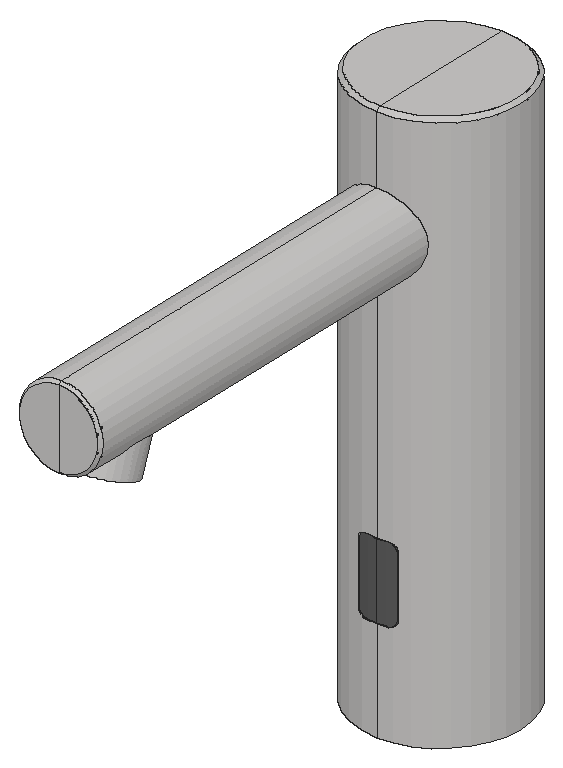
Revit family "PRD_AR_PllrTps_F7EElectronicPillarTap_F7EV1001_F7EV1002", category Plumbing Fixtures, Revit 2023
Family settings
  Round Connector Dimension = Use Diameter
  Part Type = Normal
  OmniClass Number = 23.45.55.14
  OmniClass Title = Single Faucets
  Work Plane-Based = Yes
  Enable Cutting in Views = No
  Always vertical = Yes
  Cut with Voids When Loaded = No
  Maintain Annotation Orientation = No
  Shared = No
  Room Calculation Point = No
Parameters (values of type "F7EV1001")
  WorkingPressure = 0.0 Pa
  WithTransformer = "No"
  WithRosettesOrCoverPlate = "No"
  WithFilter = "Yes"
  WithBackflowPreventer = "No"
  WaterConnection = "Hose (gland nut)"
  WarrantyStartDate [instance] = "1900-12-31T23:59:59"
  WarrantyGuarantorParts = "n/a"
  WarrantyGuarantorLabor = "n/a"
  WarrantyDurationUnit = "n/a"
  WarrantyDurationParts = "n/a"
  WarrantyDurationLabor = "n/a"
  WarrantyDescription = "n/a"
  Voltage = 12 V
  Version = "1"
  ValvePattern = "STRAIGHT_2_PORT"
  ValveOperation = "SOLENOID"
  ValveMechanism = "OTHER"
  Uniclass2015Version = "Products v1.36"
  Uniclass2015Title = "Pillar taps"
  Uniclass2015Code = "Pr_40_20_87_60"
  URL = "www.kwc-professional.com"
  TypeOfTap = "Pillar Tap"
  TypeOfSensor = "Opto-electronic sensor"
  TypeOfPowerSupply = "Other"
  TypeOfOperation = "Sensor Operation"
  TypeOfMounting = "Tap Hole"
  TypeOfMixing = "No"
  Type IFC Predefined Type = "FAUCET"
  ThermalDisinfection = "No"
  TestPressure = 0.0 Pa
  TemperatureLimit = "No"
  TagNumber [instance] = "n/a"
  SustainabilityPerformance = "n/a"
  SurfaceTreatmentFitting = "Brushed"
  SurfaceFinishFitting = "Brushed"
  Status = "New"
  Spout = "Fixed"
  SoundInsulation = "No"
  Size = "15"
  Shape = "Pillar tap"
  SerialNumber [instance] = "n/a"
  Revision = "n/a"
  ReplacementCost = "n/a"
  Reference = "n/a"
  ProtectiveShutdown = "Yes"
  ProductInformation = "http://pim.kwc.com/product/3600001255/attachment/datasheet?locale=en"
  PowerSupplyConnection = "6,75 / 12 V DC / A3000 open"
  PowerFactor [instance] = 1
  PositionOfPowerConnection = "From Bottom"
  PopUpWasteSet = "No"
  Parameterization = "Remote Control"
  NumberOfPoles [instance] = Poles / 1  # 1
  Poles [instance] = 1
  NominalWidth = 0 mm
  NominalHeight = 165 mm
  NominalDepth = 0 mm
  Name = "F7E Electronic pillar tap F7EV1001"
  NBSTypeID = "n/a"
  NBSReference = "45-35-70/345"
  NBSOfficeMasterTag = "n/a"
  NBSNote = "n/a"
  NBSDescription = "Taps and water supply fittings for bath"
  NBSCertification = "n/a"
  ModelReference = "F7EV1001"
  ModelNumber = "3600001255"
  Model = ModelReference  # "F7EV1001"
  MinimumFlowPressure = "1 bar"
  MaterialFitting = "Stainless Steel"
  Material = "stainless steel"
  ManufacturerURL = "www.kwc-professional.com"
  ManufacturerName = "KWC Group Management AG"
  Manufacturer = ManufacturerName  # "KWC Group Management AG"
  LockingMechanism = "Top section, non-ceramic"
  InstallationDate [instance] = "1900-12-31T23:59:59"
  InletSize = "G 3/8"
  IfcExportType = "FAUCET"
  IfcExportAs = "IfcValveType"
  HygieneFlushing = "Yes"
  Grade = "n/a"
  FunctionalPrinciple = "electronic self-closing"
  FlowColdWater = 0.0 L/s
  FlowCoefficient = 0
  Finish = "brushed surface"
  Features = "For connection to pre-mixed hot or cold water via hose and strainer. Control electronics, solenoid valve and sensor in stainless steel housing, brushed surface, outlet height 115 mm and projection 125 mm."
  FaucetType = "PILLAR"
  FaucetTopDescription = "opto-electronically controlled"
  FaucetOperation = "SELFCLOSING"
  FaucetFunction = "MIXED"
  F7EV1002 = no
  F7EV1001 = yes
  Export Type to IFC As = "IfcValveType"
  ExpectedLife = "n/a"
  DurationUnit = "n/a"
  DiameterNominal = "DN15"
  Description = "F7E pillar tap DN 15 for sanitary facilities, opto-electronically controlled. For connection to pre-mixed hot or cold water via hose and strainer. Control electronics, solenoid valve and sensor in stainless steel housing, brushed surface, outlet height 115 mm and projection 125 mm. Angle-adjustable and anti-theft aerator with integrated flow regulator 5.7 l/min. Activated water hygiene flushing 24 hours after last activation, safety switch-off with continuous reflection and saving of statistical data. With option for parameterization and communication via optional bidirectional remote control or C module with the necessary app. Optionally for battery operation with battery compartment including 6 V lithium battery (CR-P2) per fitting, for installation below the washbasin, or for separate power supply via power supply unit 6.75 V/12 V DC or AQUA 3000 open system accessories.\n\nBattery compartment including battery or power supply unit with extension cable must be ordered separately."
  Depressurised = "No"
  DefaultAutomaticHygieneFlush = "24h after the last activity"
  Default Elevation = 1219.2 mm
  CreateOn = "05/2025"  # constant formula
  Constituents = "n/a"
  CompatibleA3000Open = "Yes"
  Color = "stainless steel-look"
  CodePerformance = "n/a"
  CloseOffRating = 0.0 Pa
  Category = "Pr_40_20_87_60, Pillar taps"
  BodyMaterial = PRD_AR_StainlessSteel_Brushed
  BasicColour = "Stainless steel-look"
  BarCode [instance] = "n/a"
  BIMObjectName = "PRD_AR_PillarTaps_F7EElectronicPillarTap_F7EV1001"
  Author = "Archispace"
  AssetType = "Fixed"
  AssetIdentifier [instance] = "n/a"
  ApparentLoad [instance] = 0 VA
  AccessibilityPerformance = "n/a"
  AccentColour = "None"
Types (3, lengths in mm): name | ProductInformation | NominalHeight | Name | ModelReference | ModelNumber | Model | Features | F7EV1002 | F7EV1001 | Description | BIMObjectName
  (no name) | "http://pim.kwc.com/product/3600001255/attachment/datasheet?locale=en" | 165 | "F7E Electronic pillar tap F7EV1001" | "F7EV1001" | "3600001255" | "F7EV1001" | "For connection to pre-mixed hot or cold water via hose and strainer. Control electronics, solenoid valve and sensor in stainless steel housing, brushed surface, outlet height 115 mm and projection 125 mm." | no | yes | "F7E pillar tap DN 15 for sanitary facilities, opto-electronically controlled. For connection to pre-mixed hot or cold water via hose and strainer. Control electronics, solenoid valve and sensor in stainless steel housing, brushed surface, outlet height 115 mm and projection 125 mm. Angle-adjustable and anti-theft aerator with integrated flow regulator 5.7 l/min. Activated water hygiene flushing 24 hours after last activation, safety switch-off with continuous reflection and saving of statistical data. With option for parameterization and communication via optional bidirectional remote control or C module with the necessary app. Optionally for battery operation with battery compartment including 6 V lithium battery (CR-P2) per fitting, for installation below the washbasin, or for separate power supply via power supply unit 6.75 V/12 V DC or AQUA 3000 open system accessories.\n\nBattery compartment including battery or power supply unit with extension cable must be ordered separately." | "PRD_AR_PillarTaps_F7EElectronicPillarTap_F7EV1001"
  F7EV1001 | "http://pim.kwc.com/product/3600001255/attachment/datasheet?locale=en" | 165 | "F7E Electronic pillar tap F7EV1001" | "F7EV1001" | "3600001255" | "F7EV1001" | "For connection to pre-mixed hot or cold water via hose and strainer. Control electronics, solenoid valve and sensor in stainless steel housing, brushed surface, outlet height 115 mm and projection 125 mm." | no | yes | "F7E pillar tap DN 15 for sanitary facilities, opto-electronically controlled. For connection to pre-mixed hot or cold water via hose and strainer. Control electronics, solenoid valve and sensor in stainless steel housing, brushed surface, outlet height 115 mm and projection 125 mm. Angle-adjustable and anti-theft aerator with integrated flow regulator 5.7 l/min. Activated water hygiene flushing 24 hours after last activation, safety switch-off with continuous reflection and saving of statistical data. With option for parameterization and communication via optional bidirectional remote control or C module with the necessary app. Optionally for battery operation with battery compartment including 6 V lithium battery (CR-P2) per fitting, for installation below the washbasin, or for separate power supply via power supply unit 6.75 V/12 V DC or AQUA 3000 open system accessories.\n\nBattery compartment including battery or power supply unit with extension cable must be ordered separately." | "PRD_AR_PillarTaps_F7EElectronicPillarTap_F7EV1001"
  F7EV1002 | "http://pim.kwc.com/product/3600001258/attachment/datasheet?locale=en" | 295 | "F7E Electronic pillar tap F7EV1002" | "F7EV1002" | "3600001258" | "F7EV1002" | "For connection to pre-mixed hot or cold water via hose and strainer. Control electronics, solenoid valve and sensor in stainless steel housing, brushed surface, outlet height 245 mm and projection 180 mm." | yes | no | "F7E pillar tap DN 15 for sanitary facilities, opto-electronically controlled. For connection to pre-mixed hot or cold water via hose and strainer. Control electronics, solenoid valve and sensor in stainless steel housing, brushed surface, outlet height 245 mm and projection 180 mm. Angle-adjustable and anti-theft aerator with integrated flow regulator 5.7 l/min. Activated water hygiene flushing 24 hours after last activation, safety switch-off with continuous reflection and saving of statistical data. With option for parameterization and communication via optional bidirectional remote control or C module with the necessary app. Optionally for battery operation with battery compartment including 6 V lithium battery (CR-P2) per fitting, for installation below the washbasin, or for separate power supply via power supply unit 6.75 V/12 V DC or AQUA 3000 open system accessories.\n\nBattery compartment including battery or power supply unit with extension cable must be ordered separately." | "PRD_AR_PillarTaps_F7EElectronicPillarTap_F7EV1002"
Reference planes
  plane 1 "Center (Front/Back)": y = 0
  plane 2: z = 0
  plane 3 "Center (Left/Right)": x = 0
  plane 4: z = 52.365
Forms (mm)
  Extrusion 1, solid, not visible, detail levels coarse
    sketch origin (0, 0, 0) x (1, 0, 0) y (0, 1, 0)
      loop
        circle (0, 0) r 1.829
      loop
        circle (0.224, -14.961) r 1.829
    from 0 to 4.66
Dimensions and locks
  aligned and locked: level to plane 2
Nested families
  nested 1: "PillarTap" at (0, 0, 0), NumberOfPoles <- "NumberOfPoles", F7EM1001 <- "F7EV1001", F7EM1002 <- "F7EV1002", type "PillarTap"
    with NumberOfPoles 1, Height Bottom to Water 115 mm, Height 165 mm, F7EM1002 no, F7EM1001 yes, Depth Center to Water 125 mm
Connectors
  piping at (0, 0, 0), diameter 15, driven by "FlowColdWater", driven by "InletSize"
    settings: on Extrusion 1, index 2, connector inside diameter 609.6 mm, connector length 0 mm, flow factor 0, pipe flow 0.0 L/s, pressure drop 0.0 Pa, fitting loss kfactor 0, connector angle 0.00°, fixture units 0, engagement length 0 mm, angle of deflection 0.00°, flow configuration 0, flow direction 1, fitting loss method 0, system type 20, joint type 0, gender type 0, connector reference index -1, connector utility 0, adjustable connector no, is connector primary yes, connector description "G 3/8"
  electrical at (0.224, -14.961, 0), driven by "Voltage", driven by "ApparentLoad", driven by "PowerFactor", driven by "Poles"
    settings: on Extrusion 1, index 3, voltage 12 V, apparent load 0 VA, apparent load phase1 0 VA, apparent load phase2 0 VA, apparent load phase3 0 VA, power factor 1, load classification "Power", number of poles 1, system type 30, power factor state 1, is connector primary yes, connector utility no, sub classification motor no, connector description "Power"
Definition of nested family "PillarTap"
  Parameters (values of type "F7EM1002")
    URL = ""
    Type IFC Predefined Type = "FAUCET"
    NumberOfPoles [instance] = 1
    Model = ""
    Material = none
    Manufacturer = ""
    Height Bottom to Water [instance] = if(F7EM1001, 115 mm, 245 mm)  # 115 mm
    Height [instance] = if(F7EM1001, 165 mm, 295 mm)  # 165 mm
    F7EM1002 [instance] = yes
    F7EM1001 [instance] = yes
    Export Type to IFC As = "IfcValveType"
    Description = ""
    Depth Center to Water [instance] = if(F7EM1001, 125 mm, 180 mm)  # 125 mm
    Default Elevation = 1219.2 mm
  Types (2, lengths in mm): name | Height Bottom to Water | Height | F7EM1001 | Depth Center to Water
    F7EM1001 | 245 | 295 | no | 180
    F7EM1002 | 115 | 165 | yes | 125
  Reference planes
    plane 1 "Center (Front/Back)": y = 0
    plane 2: z = 0
    plane 3 "Center (Left/Right)": x = 0
    plane 4: z = 165
    plane 5: y = -139.625
    plane 6: z = 115
    plane 7: y = -125
    plane 8: z = 163.856
    plane 9: y = 23.5
    plane 10: z = 131.849
    plane 11: z = 144.349
    plane 12: y = -138.651
    plane 13: z = 52.365
    plane 14: z = 17.896
    plane 15: z = 45.045
  Forms (mm)
    Revolve 1, solid, material <- "Material", detail levels fine
      sketch origin (0, 0, 0) x (0, 1, 0) y (0, 0, 1)
        loop
          line (0, 165) -> (0, 0) -> (23.5, 0) -> (23.5, 163.856) -> (22.356, 165) -> (0, 165)
        axis (0, 165) -> (0, 0)
      angle from 0 to 360
    Revolve 2, solid, material <- "Material", detail levels fine
      sketch origin (0, 0, 0) x (0, 1, 0) y (0, 0, 1)
        loop
          line (-17.915, 131.849) -> (-17.915, 144.088) -> (-138.651, 144.088) -> (-139.625, 143.311) -> (-139.625, 131.849) -> (-17.915, 131.849)
        axis (-17.915, 131.849) -> (-139.625, 131.849)
      angle from 0 to 360
    Sweep 3, solid, material <- "Material", detail levels fine
      path origin (0, 0, 0) x (0, 1, 0) y (0, 0, 1)
        loop
          line (-125, 115) -> (-119.309, 130.636)
      profile origin (0, -122.155, 122.818) x (0, -0.939693, 0.34202) y (1, 0, 0)
        loop
          circle (0, 0) r 10
    Extrusion 4, solid, detail levels fine
      sketch origin (0, 0, 0) x (1, 0, 0) y (0, 0, 1)
        loop
          line (3.137, 52.165) -> (-3.174, 52.165)
          arc (-3.174, 52.165) -> (-4.942, 51.433) -> (-5.674, 49.665) r 2.5
          line (-5.674, 49.665) -> (-5.674, 32.539)
          arc (-5.674, 32.539) -> (-4.942, 30.771) -> (-3.174, 30.039) r 2.5
          line (-3.174, 30.039) -> (3.137, 30.039)
          arc (3.137, 30.039) -> (4.905, 30.771) -> (5.637, 32.539) r 2.5
          line (5.637, 32.539) -> (5.637, 49.665)
          arc (5.637, 49.665) -> (4.905, 51.433) -> (3.137, 52.165) r 2.5
      from 21.605 to 24.568
    Extrusion 5, void
      sketch origin (0, 0, 0) x (1, 0, 0) y (0, 0, 1)
        loop
          line (-5.874, 49.865) -> (-5.874, 32.339)
          arc (-5.874, 32.339) -> (-5.142, 30.571) -> (-3.374, 29.839) r 2.5
          line (-3.374, 29.839) -> (3.337, 29.839)
          arc (3.337, 29.839) -> (5.105, 30.571) -> (5.837, 32.339) r 2.5
          line (5.837, 32.339) -> (5.837, 49.865)
          arc (5.837, 49.865) -> (5.105, 51.632) -> (3.337, 52.365) r 2.5
          line (3.337, 52.365) -> (-3.374, 52.365)
          arc (-3.374, 52.365) -> (-5.142, 51.632) -> (-5.874, 49.865) r 2.5
      from 21.605 to 26.722
    Extrusion 6, void
      sketch origin (0, 0, 0) x (1, 0, 0) y (0, 1, 0)
        loop
          arc (0, -23.5) -> (-6.487, -22.587) -> (-12.469, -19.919) r 23.5
          line (-12.469, -19.919) -> (-12.469, -25.935) -> (13.133, -25.935) -> (13.133, -19.488)
          arc (13.133, -19.488) -> (6.866, -22.475) -> (0, -23.5) r 23.5
      from 22.565 to 272.724
    Revolve 7, solid, detail levels medium
      sketch origin (0, 0, 0) x (0, 1, 0) y (0, 0, 1)
        loop
          line (0, 165) -> (0, 0) -> (23.5, 0) -> (23.5, 165) -> (0, 165)
        axis (0, 165) -> (0, 0)
      angle from 0 to 360
    Revolve 8, solid, detail levels medium
      sketch origin (0, 0, 0) x (0, 1, 0) y (0, 0, 1)
        loop
          line (-17.915, 131.849) -> (-17.915, 144.088) -> (-139.625, 144.088) -> (-139.625, 131.849) -> (-17.915, 131.849)
        axis (-17.915, 131.849) -> (-139.625, 131.849)
      angle from 0 to 360
    Sweep 9, solid, detail levels medium
      path origin (0, 0, 0) x (0, 1, 0) y (0, 0, 1)
        loop
          line (-125, 115) -> (-119.309, 130.636)
      profile origin (0, -122.155, 122.818) x (0, -0.939693, 0.34202) y (1, 0, 0)
        loop
          circle (0, 0) r 10
    Extrusion 10, solid, detail levels coarse
      sketch origin (0, 0, 0) x (1, 0, 0) y (0, 1, 0)
        loop
          line (-23.5, 23.5) -> (-23.5, -139.625) -> (37.1, -139.625) -> (37.1, 23.5) -> (-23.5, 23.5)
      from 0 to 165
    Extrusion 11, solid, detail levels coarse
      sketch origin (0, 0, 0) x (1, 0, 0) y (0, 1, 0)
        loop
          circle (-9.078, 0) r 1.829
        loop
          circle (9.078, 0) r 1.829
        loop
          circle (0.224, -14.961) r 1.829
      from 0 to 4.66
  Cuts and joins
    Extrusion 6 cuts Extrusion 4
    joined: Revolve 7, Revolve 8, Sweep 9
    Extrusion 5 cuts Revolve 1
    joined: Revolve 1, Revolve 2, Sweep 3
  Dimensions and locks
    "Height Bottom to Water": plane 6 to level
    "Depth Center to Water": plane 1 "Center (Front/Back)" to plane 7
    locked: plane 4 to plane 8 at 1.144
    locked: plane 9 to plane 1 "Center (Front/Back)" at 23.5
    locked: plane 9 to Revolve 1 sketch curve at 1.144
    "Height": plane 4 to level
    locked: plane 11 to plane 10 at 12.5
    locked: plane 12 to plane 5 at 0.974
    locked: plane 11 to Revolve 2 sketch curve at 1.038
    locked: plane 7 to plane 5 at 14.625
    locked: plane 10 to plane 6 at 16.849
    locked: plane 15 to plane 14 at 27.149
    locked: plane 15 to plane 13 at 7.32
    locked: plane 13 to plane 10 at 79.485
    aligned and locked: level to plane 2
    aligned and locked: Revolve 1 sketch curve to plane 9
    aligned and locked: Revolve 1 sketch curve to plane 4
    aligned and locked: plane 8 to Revolve 1 sketch curve
    aligned and locked: Revolve 1 sketch curve to plane 1 "Center (Front/Back)"
    aligned and locked: plane 12 to Revolve 2 sketch curve
    aligned and locked: Revolve 2 sketch curve to plane 5
    aligned and locked: Revolve 2 sketch curve to plane 10
    aligned and locked: Revolve 2 sketch curve to Revolve 2 sketch curve
    aligned and locked: plane 6 to Sweep 3 sketch curve
    aligned and locked: plane 7 to Sweep 3 sketch curve
    aligned and locked: Revolve 8 sketch curve to Revolve 8 sketch curve
    aligned and locked: Extrusion 10 sketch curve to plane 5
    aligned and locked: Extrusion 10 sketch curve to plane 9
    aligned and locked: plane 4 to Extrusion 10
    aligned and locked: cut or joined group of Revolve 1, Revolve 2, Sweep 3, Extrusion 5 to plane 13
  Automatic sketch dimensions
    Revolve 1 sketch curve to plane 1 "Center (Front/Back)" = 0 mm
    Revolve 1 sketch curve to level = 0 mm
    plane 8 to Revolve 1 sketch curve = 8.071 mm
    plane 4 to Revolve 1 sketch curve = 5.785 mm
    Revolve 2 sketch curve to plane 11 = 0.262 mm
    plane 1 "Center (Front/Back)" to Revolve 2 sketch curve = 17.915 mm
    Revolve 2 sketch curve to plane 5 = 11.07 mm
    Revolve 2 sketch curve to plane 7 = 49.305 mm
    Sweep 3 sketch curve to plane 10 = 1.214 mm
    Sweep 3 sketch curve to plane 7 = 5.691 mm
    Sweep 3 sketch curve to plane 3 "Center (Left/Right)" = 0 mm
    Sweep 3 sketch curve to profile plane = 0 mm
    Extrusion 6 sketch curve to Extrusion 6 sketch curve = 0 mm  (x2)
    Extrusion 6 sketch curve to plane 3 "Center (Left/Right)" = 0 mm
    plane 1 "Center (Front/Back)" to Extrusion 6 sketch curve = 0 mm
    Extrusion 6 sketch curve to plane 3 "Center (Left/Right)" = 12.469 mm
    plane 3 "Center (Left/Right)" to Extrusion 6 sketch curve = 13.133 mm
    plane 1 "Center (Front/Back)" to Extrusion 6 sketch curve = 19.488 mm
    Extrusion 6 sketch curve to Extrusion 6 sketch curve = 6.447 mm
    Revolve 7 sketch curve to plane 1 "Center (Front/Back)" = 0 mm  (x2)
    Revolve 7 sketch curve to level = 0 mm
    Revolve 7 sketch curve to plane 9 = 0 mm
    plane 8 to Revolve 7 sketch curve = 8.071 mm
    plane 4 to Revolve 7 sketch curve = 5.785 mm
    Revolve 8 sketch curve to plane 10 = 0 mm
    Revolve 8 sketch curve to plane 11 = 0.262 mm
    plane 1 "Center (Front/Back)" to Revolve 8 sketch curve = 17.915 mm
    Revolve 8 sketch curve to plane 5 = 11.07 mm
    Revolve 8 sketch curve to plane 7 = 49.305 mm
    Sweep 9 sketch curve to plane 6 = 0 mm
    Sweep 9 sketch curve to plane 7 = 0 mm
    Sweep 9 sketch curve to plane 10 = 1.214 mm
    Sweep 9 sketch curve to plane 7 = 5.691 mm
    Sweep 9 sketch curve to plane 3 "Center (Left/Right)" = 0 mm
    Sweep 9 sketch curve to profile plane = 0 mm
    Revolve 7 sketch curve to plane 4 = 0 mm
    plane 12 to Revolve 8 sketch curve = 0.974 mm
    Extrusion 10 sketch curve to plane 3 "Center (Left/Right)" = 23.5 mm
    plane 3 "Center (Left/Right)" to Extrusion 10 sketch curve = 37.1 mm
    plane 1 "Center (Front/Back)" to Extrusion 11 sketch curve = 0 mm  (x2)
    Extrusion 11 sketch curve to plane 3 "Center (Left/Right)" = 9.078 mm
    plane 3 "Center (Left/Right)" to Extrusion 11 sketch curve = 0.224 mm
    plane 3 "Center (Left/Right)" to Extrusion 11 sketch curve = 9.078 mm
    plane 1 "Center (Front/Back)" to Extrusion 11 sketch curve = 14.961 mm
    plane 13 to Extrusion 4 sketch curve = 2.7 mm
    Extrusion 4 sketch curve to plane 3 "Center (Left/Right)" = 5.674 mm
    plane 13 to Extrusion 4 sketch curve = 0.2 mm
    Extrusion 4 sketch curve to plane 3 "Center (Left/Right)" = 3.174 mm
    plane 3 "Center (Left/Right)" to Extrusion 4 sketch curve = 3.137 mm  (x2)
    Extrusion 4 sketch curve to Extrusion 4 sketch curve = 2.5 mm
    Extrusion 4 sketch curve to plane 15 = 12.506 mm
    Extrusion 5 sketch curve to plane 13 = 0 mm
    Extrusion 5 sketch curve to plane 3 "Center (Left/Right)" = 5.874 mm
    Extrusion 5 sketch curve to Extrusion 5 sketch curve = 2.5 mm  (x2)
    plane 13 to Extrusion 5 sketch curve = 2.5 mm
    plane 3 "Center (Left/Right)" to Extrusion 5 sketch curve = 3.337 mm  (x2)
    Extrusion 5 sketch curve to plane 15 = 12.706 mm
    radius of Sweep 3 sketch curve = 10 mm
    radius of Sweep 9 sketch curve = 10 mm
    radius of Extrusion 11 sketch curve = 1.829 mm  (x3)
